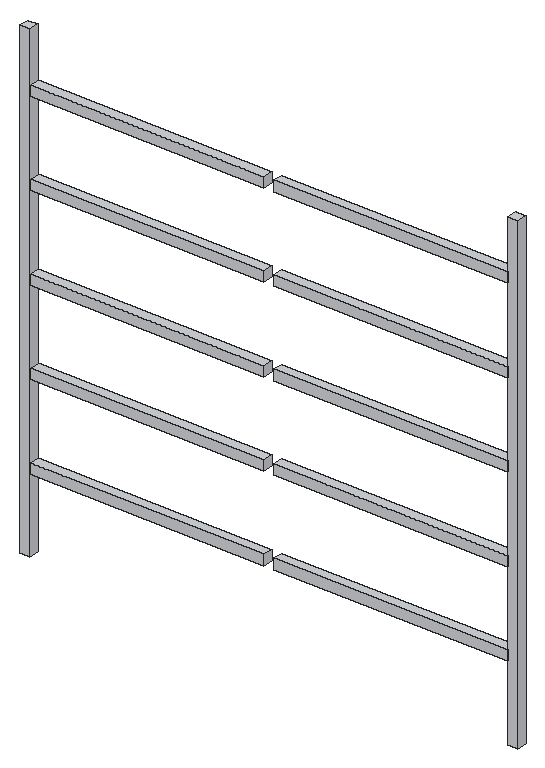
Revit family "Vertical Frame", category Generic Models, Revit 2025
Family settings
  Can host rebar = No
  Round Connector Dimension = Use Diameter
  Part Type = Normal
  Work Plane-Based = No
  Always vertical = Yes
  Cut with Voids When Loaded = No
  Maintain Annotation Orientation = No
  Shared = No
  Room Calculation Point = No
Parameters (values of type "Vertical Frame")
  Total Height = 2000 mm
  Total Width = 2000 mm
  Pipe Width = (Total Width - Pipe Size * 3) / 2  # 940 mm
  Pipe Spacing = 400 mm
  Pipe Size = 40 mm
  Pipe Numbers = roundup((Pipe Height - 400 mm) / Pipe Spacing) + 1  # 5
  Pipe Material = none
  Pipe Height = Total Height - Pipe Start Base  # 1900 mm
  Ladder Height Calculation = Total Height - Pipe Start Base - 200 mm  # 1700 mm
  Default Elevation = 0 mm
  Pipe Start Base = 100 mm
  Center Pipe = no
  Bottom Pipe Height = 400 mm
Types (3, lengths in mm): name | Total Height | Total Width | Pipe Width | Pipe Spacing | Pipe Size | Pipe Numbers | Pipe Material | Pipe Height | Ladder Height Calculation | Pipe Start Base | Center Pipe | Bottom Pipe Height
  Vertical Frame | 2000 | 2000 | 940 | 400 | 40 | 5 | none | 1900 | 1700 | 100 | no | 400
  Vertical Frame w Center | 4000 | 1800 | 825 | 800 | 50 | 6 | Working Scaffold - Metal Red | 3742 | 3542 | 258 | yes | 558
  Vertical Frame w/o Center | 4000 | 1000 | 440 | 400 | 40 | 10 | none | 3900 | 3700 | 100 | no | 400
Reference planes
  plane 1 "Center (Front/Back)": y = 0
  plane 2: z = 0
  plane 3 "Center (Left/Right)": x = 0
  plane 4: x = -1000
  plane 5: x = 1000
  plane 6 "Base": z = 100
  plane 7 "Ladder Top": z = 1800
Forms (mm)
  Extrusion 1, solid, material <- "Pipe Material"
    sketch origin (0, 0, 100) x (0, -1, 0) y (1, 0, 0)
      loop
        line (-20, -1000) -> (20, -1000) -> (20, -960) -> (-20, -960) -> (-20, -1000)
      loop
        line (-20, 960) -> (20, 960) -> (20, 1000) -> (-20, 1000) -> (-20, 960)
    from 0 to 1900 <- "Pipe Height"
  Extrusion 2, solid, material <- "Pipe Material", visible <- "Center Pipe"
    sketch origin (0, 0, 100) x (0, -1, 0) y (1, 0, 0)
      loop
        line (-20, -20) -> (20, -20) -> (20, 20) -> (-20, 20) -> (-20, -20)
    from 300 to 1700
Dimensions and locks
  "Total Width": plane 4 to plane 5
  equal spacing: plane 4, plane 3 "Center (Left/Right)", plane 5
  "Pipe Start Base": plane 6 "Base" to level
  "Pipe Size": Extrusion 1 sketch curve to Extrusion 1 sketch curve  (x3)
  equal spacing: Extrusion 1 sketch curve, plane 1 "Center (Front/Back)", Extrusion 1 sketch curve  (x2)
  "Pipe Size": plane 4 to Extrusion 1 sketch curve
  equal spacing: group 1, group 5, group 6, group 9, group 2  (x3)
  "Pipe Size": Extrusion 2 sketch curve to Extrusion 2 sketch curve  (x2)
  equal spacing: Extrusion 2 sketch curve, plane 3 "Center (Left/Right)", Extrusion 2 sketch curve
  equal spacing: Extrusion 2 sketch curve, nested 2, Extrusion 2 sketch curve
  plane 3 "Center (Left/Right)" to Extrusion 1 = 960 mm
  "Bottom Pipe Height": nested 1 to level
  "Bottom Pipe Height": nested 3 to level
  equal spacing: group 3, group 7, group 8, group 10, group 4  (x3)
  "Bottom Pipe Height": Extrusion 2 to level
  "Ladder Height Calculation": plane 7 "Ladder Top" to plane 6 "Base"
  aligned and locked: level to plane 2
  aligned and locked: Extrusion 1 sketch curve to plane 5
  aligned and locked: plane 4 to Extrusion 1 sketch curve
  aligned and locked: plane 1 "Center (Front/Back)" to nested 1
  aligned and locked: Extrusion 1 to nested 1
  aligned and locked: Extrusion 1 to nested 2
  aligned and locked: Extrusion 1 to nested 3
  aligned and locked: nested 3 to plane 1 "Center (Front/Back)"
  aligned and locked: nested 3 to Extrusion 1
  aligned and locked: Extrusion 1 to nested 4
  aligned and locked: nested 2 to plane 7 "Ladder Top"
  aligned and locked: nested 4 to plane 7 "Ladder Top"
  aligned and locked: Extrusion 2 to plane 7 "Ladder Top"
Nested families
  nested 1: "Vertical Frame - Ladder" at (-960, 0, 420), type "Vertical Frame - Ladder"
    with Ladder Size 40 mm, Ladder Length 940 mm
  nested 2: "Vertical Frame - Ladder" at (-960, 0, 1780), type "Vertical Frame - Ladder"
    with Ladder Size 40 mm, Ladder Length 940 mm
  nested 3: "Vertical Frame - Ladder" at (960, 0, 420) x (-1, 0, 0) z (0, 0, 1), type "Vertical Frame - Ladder"
    with Ladder Size 40 mm, Ladder Length 940 mm
  nested 4: "Vertical Frame - Ladder" at (960, 0, 1780) x (-1, 0, 0) z (0, 0, 1), type "Vertical Frame - Ladder"
    with Ladder Size 40 mm, Ladder Length 940 mm
  nested 5: "Vertical Frame - Ladder" at (-960, 0, 760), type "Vertical Frame - Ladder"
    with Ladder Size 40 mm, Ladder Length 940 mm
  nested 6: "Vertical Frame - Ladder" at (-960, 0, 1100), type "Vertical Frame - Ladder"
    with Ladder Size 40 mm, Ladder Length 940 mm
  nested 7: "Vertical Frame - Ladder" at (960, 0, 760) x (-1, 0, 0) z (0, 0, 1), type "Vertical Frame - Ladder"
    with Ladder Size 40 mm, Ladder Length 940 mm
  nested 8: "Vertical Frame - Ladder" at (960, 0, 1100) x (-1, 0, 0) z (0, 0, 1), type "Vertical Frame - Ladder"
    with Ladder Size 40 mm, Ladder Length 940 mm
  nested 9: "Vertical Frame - Ladder" at (-960, 0, 1440), type "Vertical Frame - Ladder"
    with Ladder Size 40 mm, Ladder Length 940 mm
  nested 10: "Vertical Frame - Ladder" at (960, 0, 1440) x (-1, 0, 0) z (0, 0, 1), type "Vertical Frame - Ladder"
    with Ladder Size 40 mm, Ladder Length 940 mm
Definition of nested family "Vertical Frame - Ladder"
  Parameters (values of type "Vertical Frame - Ladder")
    Ladder Size = 20 mm
    Ladder Material = none
    Ladder Length = 1880 mm
    Default Elevation = 0 mm
  Reference planes
    plane 1 "Center (Front/Back)": y = 0
    plane 2: z = 0
    plane 3 "Center (Left/Right)": x = 0
  Forms (mm)
    Extrusion 1, solid, material <- "Ladder Material"
      sketch origin (0, 0, 0) x (0, 1, 0) y (0, 0, 1)
        loop
          line (10, 10) -> (-10, 10) -> (-10, -10) -> (10, -10) -> (10, 10)
      from 0 to 1880 <- "Ladder Length"
  Dimensions and locks
    "Ladder Size": Extrusion 1 sketch curve to Extrusion 1 sketch curve  (x2)
    equal spacing: Extrusion 1 sketch curve, plane 1 "Center (Front/Back)", Extrusion 1 sketch curve
    equal spacing: Extrusion 1 sketch curve, level, Extrusion 1 sketch curve
    aligned and locked: level to plane 2
    aligned and locked: Extrusion 1 to plane 3 "Center (Left/Right)"
